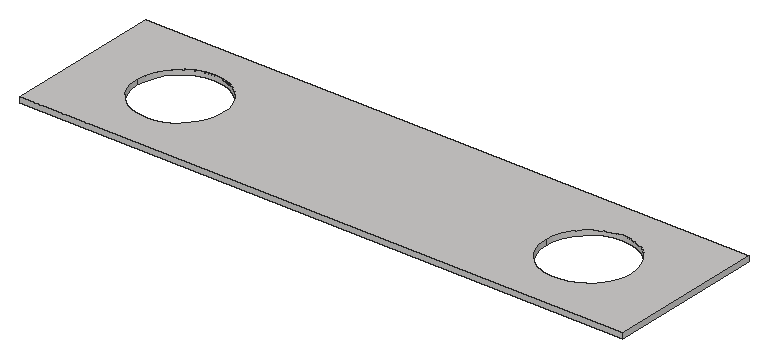
Revit family "002L", category Generic Models, Revit 2012
Parameters
  e-mail = "info@vola.com"
  URL = "http://vola.com"
  Telephone = "+45 7023 5500"
  Quality management standard = "ISO 9001"
  Organisation no. / DUNS no. = "17531328"
  Occupational health and safety management standard = "ISO 18001"
  Mounting Instructions = "http://vola.com/service/producturl.ashx?name=002L"
  Model = "002L"
  Materials and components information = "http://vola.com/service/producturl.ashx?name=002L"
  Manufacturer = "VOLA A/S"
  Maintenance Instructions = "http://vola.com/service/producturl.ashx?name=002L"
  Guarantee = "2 years"
  Environmental management standard = "ISO 14000"
  Connection - All relevant connections = ""
  Approvals = "http://vola.com/service/producturl.ashx?name=002L"
Reference planes
  plane 1 "Center (Front/Back)": y = 0
  plane 2: z = 0
  plane 3 "Center (Left/Right)": x = 0
Forms (mm)
  Extrusion 1, solid, material "Stainless Steel"
    sketch origin (0, 0, 0) x (1, 0, 0) y (0, 1, 0)
      loop
        line (-115, 30) -> (-115, -30) -> (115, -30) -> (115, 30) -> (-115, 30)
      loop
        circle (-78, 0) r 16.5
      loop
        circle (78, 0) r 16.5
    from 0 to 2
Dimensions and locks
  aligned and locked: plane 2 to level
